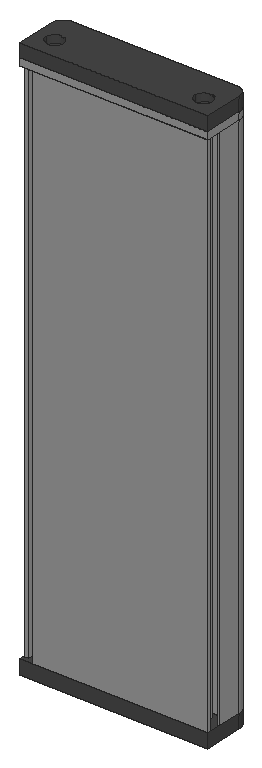
Revit family "JC KONTAKTER JCK267 Armbågskontakt", category Specialty Equipment, host Wall, Revit 2025
Family settings
  Host = Wall
  Round Connector Dimension = Use Diameter
  Part Type = Normal
  Enable Cutting in Views = Yes
  Always vertical = Yes
  Cut with Voids When Loaded = No
  Maintain Annotation Orientation = No
  Shared = No
  Room Calculation Point = No
Parameters (values of type "Armbågskontakt JCK267")
  Tillverkningsland = "Sverige"
  Tekniskt produktblad = "https://jckontakter.se/wp-content/uploads/sites/2/Tekniskt-blad_JCK267.pdf"
  Placering av armbågskontakt = "https://jckontakter.se/start/nyheter-och-information/armbagskontakter-placering-riktlinjer/"
  Lägsta märkström = "1mA/4 V DC"
  Lens Finish = Akryl
  Core Finish = Aluminum ENAW 6060
  URL = "https://jckontakter.se/produkt/armbagskontakter-metall/armbagskontakt-jck267-led-jckontakter/"
  Tillvalsförteckning = "https://jckontakter.se/wp-content/uploads/sites/2/Tillval_metall_2024.pdf"
  Produktvikt = "0.302 kg"
  Nominell märkström = "12 V - Resistive 6A Inductive L/R 5ms 6A, 24 V - Resistive 6A Inductive L/R 5ms 5A"
  Model = "JCK267"  # constant formula
  Microbrytare = "Standard NO/NC IP67 (tre ledare)"
  Manufacturer = "JC Kontakter"  # constant formula
  Lid Finish = Aluminum ENAW 6060
  Keynote = ""
  End Cap Finish = POM Tenac C 4520
  Description = "JCK267 är en modern modell utrustad med vägledande LED-ljus(blå). Modellen har även en nedsänkt taktil rilla för att underlätta användande för synnedsatta. Tillverkad i silvergrå aluminium med svarta endcaps."  # constant formula
  Default Elevation = 0 mm
  CE Dokument = "https://jckontakter.se/wp-content/uploads/CE_Dokument.pdf"
  Assembly Code = ""
  Antal mikrobrytare = 1
Reference planes
  plane 1 "Wall": y = 0
  plane 2 "Center (Left/Right)": x = 125
  plane 3 "Back": y = 75
  plane 4 "A": z = 800
Lines and regions (mm)
  Masking region 1
    outline origin (0, 0, -100) x (1, 0, 0) y (0, 0, 1)
      loop
        line (175, 1145) -> (75, 1145) -> (75, 900) -> (175, 900) -> (175, 1145)
  symbolic lines
    curve 1: line (75, 125, 0) -> (175, 125, 0)
    curve 2: line (75, 75, 0) -> (75, 125, 0)
    curve 3: line (175, 75, 0) -> (75, 75, 0)
    curve 4: line (175, 125, 0) -> (175, 75, 0)
    curve 5: line (175, 0, 1045) -> (75, 0, 1045)
    curve 6: line (175, 0, 800) -> (175, 0, 1045)
    curve 7: line (75, 0, 800) -> (175, 0, 800)
    curve 8: line (75, 0, 1045) -> (75, 0, 800)
Text (mm)
  text "Placement Side" at (-1848.837, 1116.779, 0), in view "Ref. Level"
  text "Placement side" at (0, 1409.804, 2854.306), in view "Left"
  text "Placement side" at (0, 499.811, 2980.732), in view "Right"
Dimensions and locks
  locked: plane 3 "Back" to host wall
  locked: curve 3 to curve 1 at 50
  aligned and locked: plane 1 "Wall" to host wall
  aligned and locked: nested 1 to plane 3 "Back"
  aligned and locked: curve 3 to plane 3 "Back"
  aligned and locked: plane 4 "A" to curve 7
  aligned and locked: curve 6 to Masking region 1
  aligned and locked: Masking region 1 to curve 8
Nested families
  nested 1: "AK_267" at (125, 75, 800) x (-1, 0, 0) z (0, 0, 1), type "AK_267", detail levels medium+fine
Definition of nested family "AK_267"
  Parameters (values of type "AK_267")
    Lens Finish = none
    Core Finish = none
    URL = "https://jckontakter.se/produkt/armbagskontakter-metall/armbagskontakt-jck267-led-jckontakter/"
    Model = "JCK267"  # constant formula
    Manufacturer = "JC Kontakter"  # constant formula
    Lid Finish = none
    End Cap Finish = none
    Description = "JCK267 är en modern modell utrustad med vägledande LED-ljus(blå). Modellen har även en nedsänkt taktil rilla för att underlätta användande för synnedsatta. Tillverkad i silvergrå aluminium med svarta endcaps."  # constant formula
    Default Elevation = 0 mm
  Reference planes
    plane 1 "Center (Front/Back)": y = 0
    plane 2: z = 0
    plane 3 "Center (Left/Right)": x = 0
    plane 4 "1": x = 40
    plane 5 "A": z = 6
    plane 6 "B": z = 233
  Forms (mm)
    Extrusion 1, solid, material <- "Core Finish", detail levels medium+fine
      sketch origin (40, 0, 6) x (1, 0, 0) y (0, 1, 0)
        loop
          line (-80, 0) -> (-80, -1.2) -> (-75, -1.2) -> (-75, -8.75) -> (-73.2, -8.75) -> (-73.2, -1.2) -> (-11.2, -1.2) -> (-11.2, -8.75) -> (-2.249, -8.75)
          arc (-2.249, -8.75) -> (-3.331, -3.54) -> (-8.11, -1.2) r 6.05
          line (-8.11, -1.2) -> (-5.54, -1.2) -> (-5.54, 0) -> (-80, 0)
      from 0 to 227
    Extrusion 2, solid, material <- "Lid Finish", detail levels medium+fine
      sketch origin (-40, 0, 6) x (-1, 0, 0) y (0, -1, 0)
        loop
          line (-3.92, 11.41) -> (-0.92, 6.4) -> (0, 6.4) -> (0, 16.83)
          arc (0, 16.83) -> (-1.464, 20.366) -> (-5, 21.83) r 5
          line (-5, 21.83) -> (-11, 21.83) -> (-11, 20.83) -> (-16, 20.83) -> (-16, 21.83) -> (-75, 21.83)
          arc (-75, 21.83) -> (-78.536, 20.366) -> (-80, 16.83) r 5
          line (-80, 16.83) -> (-80, 2.38) -> (-78.4, 2.38) -> (-78.4, 11.41) -> (-3.92, 11.41)
      from 0 to 227
    Extrusion 3, solid, material <- "End Cap Finish", detail levels medium+fine
      sketch origin (-40, 0, 0) x (1, 0, 0) y (0, 1, 0)
        loop
          arc (0, -16.83) -> (1.464, -20.366) -> (5, -21.83) r 5
          line (5, -21.83) -> (75, -21.83)
          arc (75, -21.83) -> (78.536, -20.366) -> (80, -16.83) r 5
          line (80, -16.83) -> (80, 0) -> (0, 0) -> (0, -16.83)
      from 0 to 6
    Extrusion 4, void
      sketch origin (0, 0, 0) x (1, 0, 0) y (0, 1, 0)
        loop
          circle (-31.75, -8.25) r 3.75
        loop
          circle (31.75, -8.25) r 3.75
      from 0 to 4
    Extrusion 5, solid, material <- "End Cap Finish", detail levels medium+fine
      sketch origin (0, 0, 233) x (-1, 0, 0) y (0, -1, 0)
        loop
          arc (40, 16.83) -> (38.536, 20.366) -> (35, 21.83) r 5
          line (35, 21.83) -> (-35, 21.83)
          arc (-35, 21.83) -> (-38.536, 20.366) -> (-40, 16.83) r 5
          line (-40, 16.83) -> (-40, 0) -> (40, 0) -> (40, 16.83)
      from 3 to 9
    Extrusion 6, void
      sketch origin (0, 0, 233) x (-1, 0, 0) y (0, -1, 0)
        loop
          circle (31.75, 8.25) r 3.75
        loop
          circle (-31.75, 8.25) r 3.75
      from 6 to 9
    Extrusion 7, solid, material <- "Lens Finish", detail levels medium+fine
      sketch origin (0, 0, 233) x (-1, 0, 0) y (0, -1, 0)
        loop
          line (40, 0) -> (40, 16.83)
          arc (40, 16.83) -> (38.536, 20.366) -> (35, 21.83) r 5
          line (35, 21.83) -> (-35, 21.83)
          arc (-35, 21.83) -> (-38.536, 20.366) -> (-40, 16.83) r 5
          line (-40, 16.83) -> (-40, 0) -> (40, 0)
      from 0 to 3
  Cuts and joins
    Extrusion 4, Extrusion 6 cuts Extrusion 3
    Extrusion 6 cuts Extrusion 5
  Dimensions and locks
    aligned and locked: level to plane 2
